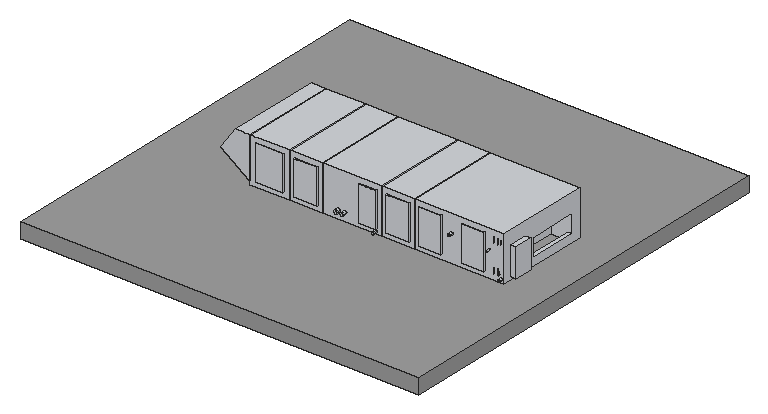
Revit family
Parameters (values of type "8 Row DX-R410")
  Wheel Size [instance] = ""
  Voltage = 480 V
  Unit Weight (lbs) = 3319  # constant formula
  URL = "http://www.appliedair.com"
  Total Static Pressure [instance] = 0.00 in-wg
  Total Heating Capacity [instance] = 0.0 Btu/h
  Total Cooling Capacity [instance] = 0.0 Btu/h
  Temperature Rise [instance] = 0 °F
  Supply Air Pressure Drop [instance] = 0.00 in-wg
  Supply Air Outlet Flow [instance] = 0 CFM
  Supply Air Inlet Flow [instance] = 0 CFM
  Series = "IFL"
  Return Coil Horizontal Offset = 1' - 1"  # constant formula
  Return Air Inlet Flow [instance] = 0 CFM
  Return Air Flow Height = 1' - 8"
  Refrigerant Type = "R410"
  Refrigerant Supply Pressure [instance] = 0.00 psi
  Refrigerant Supply Flow [instance] = 0 GPM
  Refrigerant Return Pressure [instance] = 0.00 psi
  Refrigerant Return Flow [instance] = 0 GPM
  Product URL = "http://www.appliedair.com/ifl.asp"
  Power Vertical Offset = 1' - 2 1/4"
  Power Horizontal Offset = 2' - 6"
  Power Connection Radius = 0' - 0 3/4"
  Phase = 3
  Output Heat [instance] = 0.0 Btu/h
  OmniClass = "23-75 10 24 21 27 17"
  Number of Rows = 8
  Number of Poles = 3
  Nominal Width = 6' - 4"  # constant formula
  Nominal Length = 18' - 11 5/16"  # constant formula
  Nominal Height = 3' - 0"  # constant formula
  Motor Horsepower (HP) [instance] = 0
  Motor Brake Horsepower (BHP) [instance] = 0
  Motor Amps [instance] = 0 A
  Model = "20"
  Minimum Input [instance] = 0.0 Btu/h
  Minimum Air Flow = 1500 CFM
  Maximum Input [instance] = 0.0 Btu/h
  Maximum Air Flow = 5000 CFM
  Manufacturer = "Applied Air"
  M = 3' - 4"  # constant formula
  L = 1' - 2 1/2"  # constant formula
  K = 2' - 4 11/16"  # constant formula
  J = 0' - 6 3/8"  # constant formula
  Heating Leaving Water Temperature [instance] = 0 °F
  Heating Leaving Air Temperature Wet Bulb [instance] = 0 °F
  Heating Leaving Air Temperature Dry Bulb [instance] = 0 °F
  Heating Entering Water Temperature [instance] = 0 °F
  Heating Entering Air Temperature Wet Bulb [instance] = 0 °F
  Heating Entering Air Temperature Dry Bulb [instance] = 0 °F
  Gas Vertical Offset = 1' - 9"  # constant formula
  Gas Horizontal Offset = 0' - 11 1/2"
  Gas Connection Radius = 0' - 0 3/8"  # constant formula
  Condensate Vertical Offset = 0' - 2 3/4"
  Condensate Radius = 0' - 0 3/4"  # constant formula
  Gas Pressure Drop [instance] = 0.00 psi
  Gas Input [instance] = 0.0 Btu/h
  Condensate Drain  Horizontal Offset = 0' - 1 27/32"
  Gas Flow [instance] = 0 GPM
  Condensate Drain Connection Radius = Condensate Radius  # 0' - 0 3/4"
  Furnace Size [instance] = ""
  Frequency = 60 Hz
  Fan Speed (RPM) [instance] = 0
  Face Velocity (FPM) [instance] = 0
  Face Pressure Drop [instance] = 0' - 0"
  Drain Pressure Drop [instance] = 0.00 psi
  Drain Flow [instance] = 0 GPM
  Description = "Dedicated Outside Air Split System"
  Cooling Sensible Capacity [instance] = 0 Btu/h
  Cooling Leaving Air Temperature Wet Bulb [instance] = 0 °F
  Cooling Leaving Air Temperature Dry Bulb [instance] = 0 °F
  Cooling Entering Air Temperature Wet Bulb [instance] = 0 °F
  Cooling Entering Air Temperature Dry Bulb [instance] = 0 °F
  Cooling Coil Radius = 0' 2 1/2" / 2  # 0' - 1 1/4"
  H = 0' - 3 1/16"
  G = 1' - 11 5/16"
  Drain Vertical Offset = 0' - 2"
  Drain Radius = 0' - 1"
  Drain Horizontal Offset = 0' - 5"
  Default Elevation = 0' - 0"
  F = 2' - 2"
  E = 4' - 0"
  D = 5' - 4"
  Combustion Air Flow [instance] = 0 CFM
  Coils Depth = 0' - 3"
  Coil Outlet Vertical Offset = 2' - 5 113/256"  # constant formula
  Coil Face Area = if(Choose Coil Option = 1, 6.00 SF, if(Choose Coil Option = 2, 10.50 SF, 0.00 SF))  # 10.50 SF
  Choose Coil Option = 2
  Coil Inlet Vertical Offsets = 0' - 6 143/256"
  Supply Coil Horizontal Offset = 1' - 6"  # constant formula
  Burner Amps [instance] = 0 A
  B = 6' - 0"
  Assembly Code = "D3030200"
  Apparent Power [instance] = (Motor Amps + Burner Amps) * Voltage * sqrt(3)  # 0 VA
  AHU Material = Galvanized Steel
  24x63 DX Coils = Choose Coil Option = 2  # yes
  24x36 DX Coils = Choose Coil Option = 1  # no
Reference planes (in)
  plane 1 "Center (Front/Back)": y = 0
  plane 2: z = -0.00391
  plane 3 "Center (Left/Right)": x = 0
  plane 4: y = 38
  plane 5: y = -38
  plane 6: x = -24
  plane 7: x = 24
  plane 8: x = 50
  plane 9: z = 35.99609
  plane 10: x = 122
  plane 11: x = -50
  plane 12: x = -82
  plane 13: x = -105.3125
  plane 14: x = -11
  plane 15: x = -6
  plane 16: z = 6.55469
  plane 17: z = 6.55469
  plane 18: y = -41
  plane 19: x = 19
  plane 20: z = 1.99609
  plane 21: x = 80
  plane 22: z = 21.74609
  plane 23: z = 2.74609
  plane 24: x = 120.15625
  plane 25: x = 110.5
  plane 26: z = 20.99609
Forms (in)
  Extrusion 1, solid, material "Default"
    sketch origin (0, 0, 0) x (1, 0, 0) y (0, 1, 0)
      loop
        line (-164.84185, 166) -> (-164.84185, -165.6411) -> (155.35983, -165.6411) -> (155.35983, 166) -> (-164.84185, 166)
    from -0.00391 to -12
  Extrusion 2, solid
    sketch origin (0.62705, 0, 0) x (1, 0, 0) y (0, 0, 1)
      loop
        line (-24.62705, 0) -> (23.37295, 0) -> (23.37295, 35.99609) -> (-24.62705, 35.99609) -> (-24.62705, 0)
    from -38 to 38
  Extrusion 3, solid
    sketch origin (66.62705, 0, 0) x (1, 0, 0) y (0, 0, 1)
      loop
        line (-42.62705, 0) -> (-16.62705, 0) -> (-16.62705, 35.99609) -> (-42.62705, 35.99609) -> (-42.62705, 0)
    from -38 to 38
  Extrusion 4, solid
    sketch origin (120.62705, 0, 0) x (1, 0, 0) y (0, 0, 1)
      loop
        line (-70.62705, 0) -> (1.37295, 0) -> (1.37295, 35.99609) -> (-70.62705, 35.99609) -> (-70.62705, 0)
    from -38 to 38
  Extrusion 5, solid
    sketch origin (-17.37295, 0, 0) x (1, 0, 0) y (0, 0, 1)
      loop
        line (-32.62705, -0.00391) -> (-6.62705, -0.00391) -> (-6.62705, 35.99609) -> (-32.62705, 35.99609) -> (-32.62705, -0.00391)
    from -38 to 38
  Extrusion 6, solid
    sketch origin (-41.37295, 0, 0) x (1, 0, 0) y (0, 0, 1)
      loop
        line (-40.62705, -0.00391) -> (-8.62705, -0.00391) -> (-8.62705, 35.99609) -> (-40.62705, 35.99609) -> (-40.62705, -0.00391)
    from -38 to 38
  Extrusion 7, solid
    sketch origin (0, 0, 0) x (1, 0, 0) y (0, 0, 1)
      loop
        line (-105.3125, 18.99609) -> (-82, 2.99609) -> (-82, 35.99609) -> (-93.64494, 35.99609) -> (-105.3125, 18.99609)
    from -38 to 38
  Extrusion 8, void
    sketch origin (0, 0, 0) x (1, 0, 0) y (0, 1, 0)
      loop
        line (-75, 32) -> (-75, -32) -> (-55, -32) -> (-55, 32) -> (-75, 32)
    from 0 to 31.59567
  Extrusion 9, void
    sketch origin (0, 0, 0) x (0, 1, 0) y (0, 0, 1)
      loop
        line (-32, 9) -> (32, 9) -> (32, 29) -> (-32, 29) -> (-32, 9)
    from -55 to -94.13707
  Extrusion 10, void
    sketch origin (0, 0, 0) x (1, 0, 0) y (0, 1, 0)
      loop
        line (118.9375, -9.3125) -> (118.9375, 30.6875) -> (104.4375, 30.6875) -> (104.4375, -9.3125) -> (118.9375, -9.3125)
    from 0 to 21.23232
  Extrusion 11, void
    sketch origin (0, 0, 0) x (1, 0, 0) y (0, 0, 1)
      loop
        line (122, 6.37109) -> (122, 20.87109) -> (104.4375, 20.87109) -> (104.4375, 6.37109) -> (122, 6.37109)
    from -30.6875 to 9.3125
  Extrusion 12, solid
    sketch origin (0, 0, 0) x (1, 0, 0) y (0, 1, 0)
      loop
        line (122, -17) -> (122, -32) -> (127, -32) -> (127, -17) -> (122, -17)
    from 3.06225 to 25.87762
  Extrusion 13, solid
    sketch origin (0, 0, 0) x (1, 0, 0) y (0, 0, 1)
      loop
        circle (-6, 6.55469) r 1.25
      loop
        circle (-11, 6.55469) r 1.25
      loop
        circle (19, 1.99609) r 1
      loop
        circle (80, 21.74609) r 0.75
      loop
        circle (120.15625, 2.74609) r 0.75
      loop
        circle (110.5, 20.99609) r 0.375
    from 38 to 41
  Extrusion 14, solid
    sketch origin (0, -38, 0) x (1, 0, 0) y (0, 0, 1)
      loop
        line (-55, 31.99609) -> (-77, 31.99609) -> (-77, 3.99609) -> (-55, 3.99609) -> (-55, 31.99609)
      loop
        line (-28, 31.99609) -> (-46, 31.99609) -> (-46, 3.99609) -> (-28, 3.99609) -> (-28, 31.99609)
      loop
        line (20, 31.99609) -> (6, 31.99609) -> (6, 3.99609) -> (20, 3.99609) -> (20, 31.99609)
      loop
        line (46, 31.99609) -> (28, 31.99609) -> (28, 3.99609) -> (46, 3.99609) -> (46, 31.99609)
      loop
        line (72, 31.99609) -> (54, 31.99609) -> (54, 3.99609) -> (72, 3.99609) -> (72, 31.99609)
      loop
        line (107, 31.99609) -> (89, 31.99609) -> (89, 3.99609) -> (107, 3.99609) -> (107, 31.99609)
    from 0 to 1
  Extrusion 15, void
    sketch origin (-0.35783, 0, -2.35783) x (1, 0, 0) y (0, 0, 1)
      loop
        line (114.55215, 32.70523) -> (114.55215, 32.20523) -> (116.80215, 32.20523) -> (116.80215, 32.70523) -> (114.55215, 32.70523)
      loop
        line (117.55215, 32.70523) -> (117.55215, 32.20523) -> (119.80215, 32.20523) -> (119.80215, 32.70523) -> (117.55215, 32.70523)
      loop
        line (114.55215, 33.45523) -> (114.55215, 32.95523) -> (116.80215, 32.95523) -> (116.80215, 33.45523) -> (114.55215, 33.45523)
      loop
        line (117.55215, 33.45523) -> (117.55215, 32.95523) -> (119.80215, 32.95523) -> (119.80215, 33.45523) -> (117.55215, 33.45523)
      loop
        line (114.55215, 31.95523) -> (114.55215, 31.45523) -> (116.80215, 31.45523) -> (116.80215, 31.95523) -> (114.55215, 31.95523)
      loop
        line (117.55215, 31.95523) -> (117.55215, 31.45523) -> (119.80215, 31.45523) -> (119.80215, 31.95523) -> (117.55215, 31.95523)
      loop
        line (114.55215, 31.20523) -> (114.55215, 30.70523) -> (116.80215, 30.70523) -> (116.80215, 31.20523) -> (114.55215, 31.20523)
      loop
        line (117.55215, 31.20523) -> (117.55215, 30.70523) -> (119.80215, 30.70523) -> (119.80215, 31.20523) -> (117.55215, 31.20523)
      loop
        line (114.55215, 30.45523) -> (114.55215, 29.95523) -> (116.80215, 29.95523) -> (116.80215, 30.45523) -> (114.55215, 30.45523)
      loop
        line (117.55215, 30.45523) -> (117.55215, 29.95523) -> (119.80215, 29.95523) -> (119.80215, 30.45523) -> (117.55215, 30.45523)
      loop
        line (114.55215, 29.70523) -> (114.55215, 29.20523) -> (116.80215, 29.20523) -> (116.80215, 29.70523) -> (114.55215, 29.70523)
      loop
        line (117.55215, 29.70523) -> (117.55215, 29.20523) -> (119.80215, 29.20523) -> (119.80215, 29.70523) -> (117.55215, 29.70523)
      loop
        line (114.55215, 7.78696) -> (116.80215, 7.78696) -> (116.80215, 8.28696) -> (114.55215, 8.28696) -> (114.55215, 7.78696)
      loop
        line (117.55215, 7.78696) -> (119.80215, 7.78696) -> (119.80215, 8.28696) -> (117.55215, 8.28696) -> (117.55215, 7.78696)
      loop
        line (114.55215, 7.03696) -> (116.80215, 7.03696) -> (116.80215, 7.53696) -> (114.55215, 7.53696) -> (114.55215, 7.03696)
      loop
        line (117.55215, 7.03696) -> (119.80215, 7.03696) -> (119.80215, 7.53696) -> (117.55215, 7.53696) -> (117.55215, 7.03696)
      loop
        line (114.55215, 8.53696) -> (116.80215, 8.53696) -> (116.80215, 9.03696) -> (114.55215, 9.03696) -> (114.55215, 8.53696)
      loop
        line (117.55215, 8.53696) -> (119.80215, 8.53696) -> (119.80215, 9.03696) -> (117.55215, 9.03696) -> (117.55215, 8.53696)
      loop
        line (114.55215, 9.28696) -> (116.80215, 9.28696) -> (116.80215, 9.78696) -> (114.55215, 9.78696) -> (114.55215, 9.28696)
      loop
        line (117.55215, 9.28696) -> (119.80215, 9.28696) -> (119.80215, 9.78696) -> (117.55215, 9.78696) -> (117.55215, 9.28696)
      loop
        line (114.55215, 10.03696) -> (116.80215, 10.03696) -> (116.80215, 10.53696) -> (114.55215, 10.53696) -> (114.55215, 10.03696)
      loop
        line (117.55215, 10.03696) -> (119.80215, 10.03696) -> (119.80215, 10.53696) -> (117.55215, 10.53696) -> (117.55215, 10.03696)
      loop
        line (114.55215, 10.78696) -> (116.80215, 10.78696) -> (116.80215, 11.28696) -> (114.55215, 11.28696) -> (114.55215, 10.78696)
      loop
        line (117.55215, 10.78696) -> (119.80215, 10.78696) -> (119.80215, 11.28696) -> (117.55215, 11.28696) -> (117.55215, 10.78696)
    from 32 to 38
Cuts and joins
  Extrusion 8, Extrusion 9 cuts Extrusion 6
  Extrusion 9 cuts Extrusion 2
  Extrusion 9 cuts Extrusion 3
  Extrusion 9 cuts Extrusion 7
  Extrusion 10, Extrusion 11, Extrusion 15 cuts Extrusion 4
Dimensions and locks (in)
  "Nominal Width": plane 5 to plane 4
  "E": plane 6 to plane 7
  equal spacing: plane 6, plane 3 "Center (Left/Right)", plane 7
  "Nominal Height": plane 9 to plane 2
  "F": plane 7 to plane 8
  "F": plane 11 to plane 6
  locked: plane 12 to plane 11 at 32
  "B": plane 8 to plane 10
  "G": plane 13 to plane 12
  "D": Extrusion 8 sketch curve to Extrusion 8 sketch curve
  locked: Extrusion 8 sketch curve to Extrusion 8 sketch curve at 20
  locked: Extrusion 9 sketch curve to Extrusion 9 sketch curve at 20
  "D": Extrusion 9 sketch curve to Extrusion 9 sketch curve
  locked: level to Extrusion 9 sketch curve at 9
  "K": plane 5 to Extrusion 10 sketch curve
  "M": Extrusion 10 sketch curve to Extrusion 10 sketch curve
  "H": Extrusion 10 sketch curve to plane 10
  "L": Extrusion 10 sketch curve to Extrusion 10 sketch curve
  "J": Extrusion 11 sketch curve to plane 2
  "L": Extrusion 11 sketch curve to Extrusion 11 sketch curve
  "K": cut or joined group of Extrusion 4, Extrusion 10, Extrusion 11, Extrusion 15 to plane 5
  "M": cut or joined group of Extrusion 4, Extrusion 10, Extrusion 11, Extrusion 15 to cut or joined group of Extrusion 4, Extrusion 10, Extrusion 11, Extrusion 15
  locked: plane 9 to Extrusion 12 at 10.11847
  locked: Extrusion 12 to Extrusion 12 at 22.81538
  locked: Extrusion 12 to plane 2 at 3.06615
  locked: Extrusion 12 to Extrusion 12 at 5
  "Coils Depth": plane 18 to plane 5
  "Coil Inlet Vertical Offsets": plane 16 to plane 2
  "Coil Outlet Vertical Offset": plane 9 to plane 17
  "Return Coil Horizontal Offset": plane 6 to plane 14
  "Supply Coil Horizontal Offset": plane 6 to plane 15
  "Drain Vertical Offset": plane 20 to plane 2
  "Drain Horizontal Offset": plane 19 to plane 7
  locked: plane 12 to Extrusion 14 sketch curve at 5
  locked: Extrusion 14 sketch curve to plane 11 at 5
  locked: plane 9 to Extrusion 14 sketch curve at 4  (x6)
  locked: Extrusion 14 sketch curve to plane 2 at 4  (x6)
  locked: plane 11 to Extrusion 14 sketch curve at 4
  locked: Extrusion 14 sketch curve to plane 6 at 4
  locked: plane 6 to Extrusion 14 sketch curve at 30
  locked: Extrusion 14 sketch curve to plane 7 at 4
  locked: plane 7 to Extrusion 14 sketch curve at 4
  locked: Extrusion 14 sketch curve to plane 8 at 4
  locked: plane 8 to Extrusion 14 sketch curve at 4
  locked: Extrusion 14 sketch curve to Extrusion 14 sketch curve at 17
  locked: Extrusion 14 sketch curve to plane 10 at 15
  "Power Vertical Offset": plane 9 to plane 22
  "Power Horizontal Offset": plane 8 to plane 21
  locked: Extrusion 14 to plane 5 at 1
  "Condensate Vertical Offset": plane 23 to plane 2
  plane 13 to plane 10 = 18' - 11 5/16"
  "Condensate Drain  Horizontal Offset": plane 24 to plane 10
  "Gas Vertical Offset": plane 26 to plane 2
  "Gas Horizontal Offset": plane 25 to plane 10
  locked: Extrusion 13 sketch curve to plane 14 at 0
  locked: Extrusion 13 sketch curve to plane 15 at 0
  locked: Extrusion 13 sketch curve to plane 19 at 0
  locked: Extrusion 13 sketch curve to plane 21 at 0
  locked: Extrusion 13 sketch curve to plane 25 at 0
  locked: Extrusion 13 sketch curve to plane 23 at 0
  locked: Extrusion 13 sketch curve to plane 24 at 0
  locked: Extrusion 13 sketch curve to plane 20 at 0
  locked: Extrusion 13 sketch curve to plane 16 at 0
  locked: Extrusion 13 sketch curve to plane 26 at 0
  locked: Extrusion 13 sketch curve to plane 22 at 0
  locked: Extrusion 13 sketch curve to plane 17 at 0
  "Cooling Coil Radius": radius of Extrusion 13 sketch curve  (x2)
  "Drain Radius": radius of Extrusion 13 sketch curve
  "Power Connection Radius": radius of Extrusion 13 sketch curve
  "Condensate Drain Connection Radius": radius of Extrusion 13 sketch curve
  "Gas Connection Radius": radius of Extrusion 13 sketch curve
  aligned and locked: plane 2 to Extrusion 1
  aligned and locked: Extrusion 2 to plane 4
  aligned and locked: plane 5 to Extrusion 2
  aligned and locked: plane 6 to Extrusion 2
  aligned and locked: plane 7 to Extrusion 2
  aligned and locked: plane 7 to Extrusion 3
  aligned and locked: Extrusion 3 to plane 8
  aligned and locked: plane 9 to Extrusion 2
  aligned and locked: Extrusion 3 to Extrusion 2
  aligned and locked: plane 5 to Extrusion 3
  aligned and locked: Extrusion 3 to plane 4
  aligned and locked: Extrusion 4 to plane 9
  aligned and locked: plane 8 to Extrusion 4
  aligned and locked: Extrusion 4 to plane 10
  aligned and locked: plane 5 to Extrusion 4
  aligned and locked: Extrusion 4 to plane 4
  aligned and locked: Extrusion 5 to plane 6
  aligned and locked: plane 11 to Extrusion 5
  aligned and locked: Extrusion 5 to plane 9
  aligned and locked: Extrusion 5 to plane 2
  aligned and locked: Extrusion 5 to plane 4
  aligned and locked: plane 5 to Extrusion 5
  aligned and locked: plane 5 to Extrusion 6
  aligned and locked: Extrusion 6 to plane 4
  aligned and locked: plane 12 to Extrusion 6
  aligned and locked: Extrusion 6 to plane 11
  aligned and locked: Extrusion 6 to plane 9
  aligned and locked: Extrusion 6 to plane 2
  aligned and locked: Extrusion 7 to plane 9
  aligned and locked: plane 13 to Extrusion 7
  aligned and locked: Extrusion 7 to plane 12
  aligned and locked: Extrusion 7 to plane 4
  aligned and locked: plane 5 to Extrusion 7
  aligned and locked: cut or joined group of Extrusion 6, Extrusion 8, Extrusion 9 to Extrusion 9 sketch curve
  aligned and locked: cut or joined group of Extrusion 6, Extrusion 8, Extrusion 9 to Extrusion 9
  aligned and locked: Extrusion 10 to level
  aligned and locked: cut or joined group of Extrusion 4, Extrusion 10, Extrusion 11, Extrusion 15 to Extrusion 11 sketch curve
  aligned and locked: plane 10 to Extrusion 11 sketch curve
  aligned and locked: plane 10 to Extrusion 12
  aligned and locked: plane 5 to Extrusion 13
  aligned and locked: plane 18 to Extrusion 13
  aligned and locked: Extrusion 14 to plane 5
  aligned and locked: cut or joined group of Extrusion 4, Extrusion 10, Extrusion 11, Extrusion 15 to plane 5
Automatic sketch dimensions
  Extrusion 1 sketch curve to Extrusion 1 sketch curve = 26' - 8.20168"
  Extrusion 1 sketch curve to Extrusion 1 sketch curve = 27' - 7.6411"
  Extrusion 2 sketch curve to level = 0' - 0"
  Extrusion 2 sketch curve to plane 6 = 0' - 0"
  Extrusion 2 sketch curve to plane 7 = 0' - 0"
  Extrusion 2 sketch curve to plane 9 = 0' - 0"
  Extrusion 3 sketch curve to level = 0' - 0"
  Extrusion 3 sketch curve to plane 7 = 0' - 0"
  Extrusion 3 sketch curve to plane 8 = 0' - 0"
  Extrusion 3 sketch curve to plane 9 = 0' - 0"
  Extrusion 4 sketch curve to level = 0' - 0"
  Extrusion 4 sketch curve to plane 8 = 0' - 0"
  Extrusion 4 sketch curve to plane 9 = 0' - 0"
  Extrusion 4 sketch curve to plane 10 = 0' - 0"
  Extrusion 5 sketch curve to plane 2 = 0' - 0"
  Extrusion 5 sketch curve to plane 11 = 0' - 0"
  Extrusion 5 sketch curve to plane 6 = 0' - 0"
  Extrusion 5 sketch curve to plane 9 = 0' - 0"
  Extrusion 6 sketch curve to plane 2 = 0' - 0"
  Extrusion 6 sketch curve to plane 12 = 0' - 0"
  Extrusion 6 sketch curve to plane 9 = 0' - 0"
  Extrusion 6 sketch curve to plane 11 = 0' - 0"
  Extrusion 7 sketch curve to plane 13 = 0' - 0"
  Extrusion 7 sketch curve to plane 9 = 0' - 0"
  Extrusion 7 sketch curve to plane 12 = 0' - 0"
  plane 12 to Extrusion 7 sketch curve = 0' - 11.64494"
  Extrusion 8 sketch curve to plane 12 = 0' - 7"
  Extrusion 8 sketch curve to plane 5 = 0' - 6"
  Extrusion 12 sketch curve to plane 10 = 0' - 0"
  Extrusion 12 sketch curve to plane 10 = 0' - 5"
  Extrusion 12 sketch curve to plane 5 = 0' - 6"
  Extrusion 12 sketch curve to Extrusion 12 sketch curve = 1' - 3"
  Extrusion 14 sketch curve to Extrusion 14 sketch curve = 1' - 6"
  Extrusion 15 sketch curve to Extrusion 15 sketch curve = 0' - 0"  (x41)
  Extrusion 15 sketch curve to Extrusion 15 sketch curve = 0' - 0 1/2"  (x23)
  Extrusion 15 sketch curve to Extrusion 15 sketch curve = 0' - 0 1/4"  (x20)
  plane 26 to Extrusion 7 sketch curve = 0' - 2"
  Extrusion 15 sketch curve to Extrusion 15 sketch curve = 0' - 2 1/4"  (x5)
  Extrusion 15 sketch curve to Extrusion 15 sketch curve = 0' - 0 3/4"  (x4)
  plane 9 to Extrusion 15 sketch curve = 2' - 7.31696"
  Extrusion 15 sketch curve to Extrusion 15 sketch curve = 1' - 5.91827"
  plane 10 to Extrusion 15 sketch curve = 0' - 7.80568"
Connectors (in)
  hvac at (-93.65625, 0, 10.99609), driven by "D", driven by "Return Air Flow Height", driven by "Supply Air Inlet Flow"
    settings: on cut or joined group of Extrusion 7, Extrusion 9, index 1
  hvac at (-65, 0, -0.00391), driven by "D", driven by "Return Air Flow Height", driven by "Return Air Inlet Flow"
    settings: on cut or joined group of Extrusion 6, Extrusion 8, Extrusion 9, index 2
  hvac at (111.6875, 10.6875, 0), driven by "M", driven by "L", driven by "Supply Air Outlet Flow"
    settings: on cut or joined group of Extrusion 4, Extrusion 10, Extrusion 11, Extrusion 15, index 3
  hvac at (122, 10.6875, 13.62109), driven by "M", driven by "L", driven by "Supply Air Outlet Flow"
    settings: on cut or joined group of Extrusion 4, Extrusion 10, Extrusion 11, Extrusion 15, index 4
  piping at (-11, -41, 6.55469), driven by "Cooling Coil Radius", driven by "Refrigerant Return Flow", driven by "Refrigerant Return Pressure"
    settings: on Extrusion 13, index 5
  piping at (-6, -41, 6.55469), driven by "Cooling Coil Radius", driven by "Refrigerant Supply Flow", driven by "Refrigerant Supply Pressure"
    settings: on Extrusion 13, index 6
  piping at (19, -41, 1.99609), driven by "Drain Radius", driven by "Drain Flow"
    settings: on Extrusion 13, index 7
  electrical at (80, -41, 21.74609), driven by "Number of Poles", driven by "Apparent Power", driven by "Voltage"
    settings: on Extrusion 13, index 8
  piping at (120.15625, -41, 2.74609), driven by "Condensate Radius", driven by "Drain Flow", driven by "Gas Pressure Drop"
    settings: on Extrusion 13, index 9
  piping at (110.5, -41, 20.99609), driven by "Gas Connection Radius", driven by "Gas Flow"
    settings: on Extrusion 13, index 10
